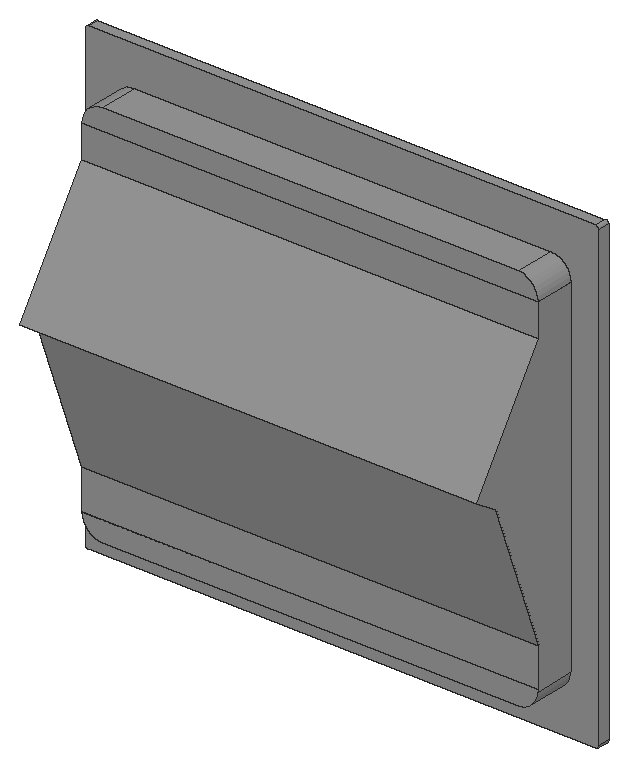
Revit family "L&L_LUCE&LIGHT_PASITO_1.1", category Lighting Fixtures, host Wall, Revit 2018 (continued)
Types (2, lengths in mm): name | built-in parameter 1150142 | Photometric Web File
    0 0.00 0.00 0.00 0.00 0.00 0.00 0.00 0.00 \r\n0.00 0.00 0.00 0.00 0.00 0.00 0.00 0.00 0.00 0.00 0.00 \r\n0.00 0.00 0.00 0.00 0.00 0.00 0.00 0.00 0.00 0.00 0.00 \r\n0.00 0.00 0.00 0.01 0.02 \r\n0.07 0.05 0.02 0.00 0.00 0.00 0.00 0.00 0.00 0.00 0.00 \r\n0.00 0.00 0.00 0.00 0.00 0.00 0.00 0.00 0.00 0.00 0.00 \r\n0.00 0.00 0.00 0.00 0.00 0.00 0.00 0.00 0.00 0.00 0.00 \r\n0.00 0.00 0.00 0.00 0.00 0.00 0.00 0.00 0.00 0.00 0.00 \r\n0.00 0.00 0.00 0.00 0.00 0.00 0.00 0.00 0.00 0.00 0.00 \r\n0.00 0.00 0.00 0.00 0.00 0.00 0.00 0.00 0.00 0.00 0.00 \r\n0.00 0.00 0.00 0.00 0.00 0.00 0.00 0.00 0.00 0.00 0.00 \r\n0.00 0.00 0.00 0.00 0.00 0.00 0.00 0.00 0.00 0.00 0.00 \r\n0.00 0.00 0.00 0.00 0.00 0.00 0.00 0.00 0.00 0.00 0.00 \r\n0.00 0.00 0.00 0.00 0.00 0.00 0.00 0.00 0.00 0.00 0.00 \r\n0.00 0.00 0.00 0.00 0.00 0.00 0.00 0.00 0.00 0.00 0.00 \r\n0.00 0.00 0.00 0.00 0.00 0.00 0.00 0.00 0.00 0.00 0.00 \r\n0.00 0.00 0.00 0.00 0.00 0.00 0.00 0.00 0.00 0.00 0.00 \r\n0.00 0.00 0.00 0.00 0.00 0.00 0.00 0.00 0.00 0.00 0.00 \r\n0.00 0.00 0.00 0.00 0.00 0.00 0.00 0.00 0.00 0.00 0.00 \r\n0.00 0.00 0.00 0.00 0.00 0.00 0.00 0.00 0.00 0.00 0.00 \r\n0.00 0.00 0.01 0.01 0.02 \r\n0.07 0.05 0.04 0.02 0.00 0.00 0.00 0.00 0.00 0.00 0.00 \r\n0.00 0.00 0.00 0.00 0.00 0.00 0.00 0.00 0.00 0.00 0.00 \r\n0.00 0.00 0.00 0.00 0.00 0.00 0.00 0.00 0.00 0.00 0.00 \r\n0.00 0.00 0.00 0.00 0.00 0.00 0.00 0.00 0.00 0.00 0.00 \r\n0.00 0.00 0.00 0.00 0.00 0.00 0.00 0.00 0.00 0.00 0.00 \r\n0.00 0.00 0.00 0.00 0.00 0.00 0.00 0.00 0.00 0.00 0.00 \r\n0.00 0.00 0.00 0.00 0.00 0.00 0.00 0.00 0.00 0.00 0.00 \r\n0.00 0.00 0.00 0.00 0.00 0.00 0.00 0.00 0.00 0.00 0.00 \r\n0.00 0.00 0.00 0.00 0.00 0.00 0.00 0.00 0.00 0.00 0.00 \r\n0.00 0.00 0.00 0.00 0.00 0.00 0.00 0.00 0.00 0.00 0.00 \r\n0.00 0.00 0.00 0.00 0.00 0.00 0.00 0.00 0.00 0.00 0.00 \r\n0.00 0.00 0.00 0.00 0.00 0.00 0.00 0.00 0.00 0.00 0.00 \r\n0.00 0.00 0.00 0.00 0.00 0.00 0.00 0.00 0.00 0.00 0.00 \r\n0.00 0.00 0.00 0.00 0.00 0.00 0.00 0.00 0.00 0.00 0.00 \r\n0.00 0.00 0.00 0.00 0.00 0.00 0.00 0.00 0.00 0.00 0.00 \r\n0.00 0.00 0.00 0.00 0.00 0.00 0.00 0.00 0.00 0.00 0.00 \r\n0.00 0.01 0.01 0.02 0.02 \r\n0.07 0.06 0.05 0.03 0.02 0.01 0.00 0.00 0.00 0.00 0.00 \r\n0.00 0.00 0.00 0.00 0.00 0.00 0.00 0.00 0.00 0.00 0.00 \r\n0.00 0.00 0.00 0.00 0.00 0.00 0.00 0.00 0.00 0.00 0.00 \r\n0.00 0.00 0.00 0.00 0.00 0.00 0.00 0.00 0.00 0.00 0.00 \r\n0.00 0.00 0.00 0.00 0.00 0.00 0.00 0.00 0.00 0.00 0.00 \r\n0.00 0.00 0.00 0.00 0.00 0.00 0.00 0.00 0.00 0.00 0.00 \r\n0.00 0.00 0.00 0.00 0.00 0.00 0.00 0.00 0.00 0.00 0.00 \r\n0.00 0.00 0.00 0.00 0.00 0.00 0.00 0.00 0.00 0.00 0.00 \r\n0.00 0.00 0.00 0.00 0.00 0.00 0.00 0.00 0.00 0.00 0.00 \r\n0.00 0.00 0.00 0.00 0.00 0.00 0.00 0.00 0.00 0.00 0.00 \r\n0.00 0.00 0.00 0.00 0.00 0.00 0.00 0.00 0.00 0.00 0.00 \r\n0.00 0.00 0.00 0.00 0.00 0.00 0.00 0.00 0.00 0.00 0.00 \r\n0.00 0.00 0.00 0.00 0.00 0.00 0.00 0.00 0.00 0.00 0.00 \r\n0.00 0.00 0.00 0.00 0.00 0.00 0.00 0.00 0.00 0.00 0.00 \r\n0.00 0.00 0.00 0.00 0.00 0.00 0.00 0.00 0.00 0.00 0.00 \r\n0.00 0.00 0.00 0.00 0.00 0.00 0.00 0.00 0.00 0.00 0.00 \r\n0.01 0.01 0.02 0.02 0.02 \r\n0.07 0.07 0.06 0.05 0.04 0.04 0.03 0.02 0.02 0.01 0.01 \r\n0.00 0.00 0.00 0.00 0.00 0.00 0.00 0.00 0.00 0.00 0.00 \r\n0.00 0.00 0.00 0.00 0.00 0.00 0.00 0.00 0.00 0.00 0.00 \r\n0.00 0.00 0.00 0.00 0.00 0.00 0.00 0.00 0.00 0.00 0.00 \r\n0.00 0.00 0.00 0.00 0.00 0.00 0.00 0.00 0.00 0.00 0.00 \r\n0.00 0.00 0.00 0.00 0.00 0.00 0.00 0.00 0.00 0.00 0.00 \r\n0.00 0.00 0.00 0.00 0.00 0.00 0.00 0.00 0.00 0.00 0.00 \r\n0.00 0.00 0.00 0.00 0.00 0.00 0.00 0.00 0.00 0.00 0.00 \r\n0.00 0.00 0.00 0.00 0.00 0.00 0.00 0.00 0.00 0.00 0.00 \r\n0.00 0.00 0.00 0.00 0.00 0.00 0.00 0.00 0.00 0.00 0.00 \r\n0.00 0.00 0.00 0.00 0.00 0.00 0.00 0.00 0.00 0.00 0.00 \r\n0.00 0.00 0.00 0.00 0.00 0.00 0.00 0.00 0.00 0.00 0.00 \r\n0.00 0.00 0.00 0.00 0.00 0.00 0.00 0.00 0.00 0.00 0.00 \r\n0.00 0.00 0.00 0.00 0.00 0.00 0.00 0.00 0.00 0.00 0.00 \r\n0.00 0.00 0.00 0.00 0.00 0.00 0.00 0.00 0.00 0.00 0.00 \r\n0.00 0.00 0.00 0.00 0.00 0.00 0.01 0.01 0.01 0.01 0.02 \r\n0.02 0.02 0.02 0.02 0.02 \r\n0.07 0.07 0.07 0.07 0.07 0.07 0.07 0.07 0.07 0.07 0.07 \r\n0.07 0.07 0.07 0.08 0.08 0.08 0.08 0.08 0.09 0.09 0.09 \r\n0.09 0.09 0.10 0.10 0.10 0.10 0.11 0.11 0.11 0.11 0.11 \r\n0.12 0.12 0.12 0.12 0.13 0.13 0.13 0.13 0.14 0.14 0.14 \r\n0.14 0.15 0.15 0.15 0.15 0.15 0.16 0.16 0.16 0.16 0.17 \r\n0.17 0.17 0.17 0.17 0.17 0.18 0.18 0.18 0.18 0.18 0.18 \r\n0.19 0.19 0.19 0.19 0.19 0.19 0.19 0.19 0.20 0.20 0.20 \r\n0.20 0.20 0.20 0.20 0.20 0.21 0.21 0.21 0.21 0.21 0.21 \r\n0.21 0.21 0.22 0.22 0.22 0.22 0.22 0.22 0.22 0.22 0.22 \r\n0.22 0.22 0.22 0.22 0.22 0.22 0.22 0.22 0.22 0.22 0.21 \r\n0.21 0.21 0.21 0.21 0.21 0.20 0.20 0.20 0.20 0.19 0.19 \r\n0.19 0.19 0.18 0.18 0.18 0.18 0.18 0.17 0.17 0.17 0.17 \r\n0.16 0.16 0.16 0.15 0.15 0.15 0.14 0.14 0.14 0.13 0.13 \r\n0.13 0.12 0.12 0.11 0.11 0.11 0.10 0.10 0.09 0.09 0.09 \r\n0.08 0.08 0.08 0.07 0.07 0.07 0.06 0.06 0.06 0.06 0.05 \r\n0.05 0.05 0.05 0.04 0.04 0.04 0.04 0.04 0.04 0.04 0.04 \r\n0.04 0.03 0.03 0.02 0.02 \r\n0.07 0.07 0.08 0.09 0.10 0.11 0.12 0.14 0.15 0.16 0.17 \r\n0.18 0.21 0.25 0.30 0.35 0.39 0.43 0.47 0.53 0.60 0.66 \r\n0.73 0.80 0.87 0.94 1.00 1.05 1.11 1.18 1.24 1.30 1.35 \r\n1.40 1.45 1.49 1.53 1.58 1.62 1.66 1.70 1.73 1.74 1.76 \r\n1.76 1.77 1.78 1.78 1.78 1.78 1.78 1.80 1.83 1.85 1.89 \r\n1.93 1.97 2.00 2.03 2.05 2.07 2.08 2.08 2.08 2.07 2.06 \r\n2.07 2.07 2.08 2.09 2.09 2.09 2.08 2.07 2.06 2.04 2.04 \r\n2.02 2.00 1.98 1.96 1.94 1.91 1.87 1.84 1.80 1.76 1.72 \r\n1.68 1.64 1.60 1.56 1.52 1.49 1.46 1.43 1.41 1.38 1.36 \r\n1.34 1.32 1.30 1.28 1.25 1.23 1.21 1.19 1.17 1.14 1.12 \r\n1.10 1.08 1.06 1.04 1.02 1.00 0.98 0.96 0.95 0.93 0.92 \r\n0.90 0.88 0.87 0.85 0.83 0.81 0.80 0.78 0.77 0.75 0.73 \r\n0.72 0.69 0.67 0.66 0.64 0.63 0.61 0.60 0.58 0.57 0.55 \r\n0.53 0.51 0.49 0.48 0.46 0.44 0.43 0.41 0.40 0.38 0.36 \r\n0.35 0.33 0.31 0.30 0.28 0.27 0.25 0.24 0.22 0.21 0.19 \r\n0.18 0.17 0.15 0.14 0.13 0.12 0.11 0.10 0.10 0.09 0.08 \r\n0.07 0.05 0.04 0.03 0.02 \r\n0.07 0.08 0.09 0.11 0.15 0.20 0.25 0.33 0.41 0.49 0.61 \r\n0.73 0.88 1.03 1.19 1.33 1.45 1.57 1.66 1.71 1.75 1.80 \r\n1.88 1.98 2.13 2.36 2.60 2.87 3.22 3.59 3.99 4.46 4.96 \r\n5.47 6.01 6.55 7.08 7.59 8.11 8.58 8.98 9.32 9.61 9.84 \r\n10.01 10.14 10.25 10.31 10.32 10.30 10.28 10.26 10.25 \r\n10.27 10.32 10.37 10.42 10.45 10.46 10.47 10.47 10.47 \r\n10.46 10.45 10.44 10.44 10.42 10.41 10.39 10.36 10.32 \r\n10.27 10.19 10.09 9.97 9.83 9.68 9.51 9.33 9.13 8.91 8.68 \r\n8.43 8.17 7.91 7.64 7.38 7.12 6.86 6.59 6.30 6.00 5.68 \r\n5.34 4.96 4.56 4.12 3.68 3.27 2.91 2.64 2.50 2.40 2.34 \r\n2.30 2.27 2.24 2.21 2.18 2.15 2.12 2.09 2.06 2.03 2.01 \r\n1.98 1.95 1.92 1.89 1.86 1.83 1.79 1.76 1.72 1.69 1.66 \r\n1.63 1.60 1.56 1.53 1.50 1.46 1.42 1.38 1.34 1.31 1.27 \r\n1.23 1.20 1.17 1.13 1.10 1.07 1.03 1.00 0.96 0.93 0.89 \r\n0.86 0.83 0.80 0.77 0.73 0.70 0.67 0.64 0.61 0.58 0.55 \r\n0.52 0.49 0.46 0.44 0.41 0.38 0.35 0.32 0.29 0.27 0.24 \r\n0.22 0.20 0.18 0.16 0.14 0.12 0.10 0.07 0.05 0.03 0.02 \r\n0.07 0.08 0.10 0.15 0.22 0.37 0.53 0.72 0.90 1.11 1.32 \r\n1.50 1.64 1.71 1.79 1.89 2.06 2.32 2.65 3.09 3.57 4.12 \r\n4.70 5.33 6.00 6.75 7.57 8.55 9.55 10.63 11.71 12.90 \r\n14.20 15.61 17.09 18.54 19.99 21.40 22.87 24.28 25.58 \r\n26.72 27.52 28.13 28.50 28.67 28.74 28.69 28.54 28.33 \r\n28.09 27.86 27.66 27.43 27.21 27.00 26.77 26.57 26.42 \r\n26.28 26.14 25.97 25.77 25.53 25.25 24.96 24.66 24.35 \r\n24.04 23.73 23.41 23.07 22.71 22.32 21.92 21.49 21.05 \r\n20.59 20.11 19.60 19.08 18.52 17.94 17.34 16.72 16.08 \r\n15.42 14.75 14.07 13.38 12.69 11.98 11.27 10.55 9.81 9.05 \r\n8.28 7.52 6.78 6.08 5.47 4.94 4.51 4.17 3.93 3.82 3.77 \r\n3.72 3.66 3.61 3.55 3.49 3.44 3.39 3.33 3.27 3.20 3.14 \r\n3.07 3.01 2.95 2.89 2.82 2.76 2.70 2.63 2.57 2.52 2.46 \r\n2.40 2.34 2.28 2.22 2.15 2.09 2.03 1.97 1.91 1.86 1.80 \r\n1.75 1.70 1.64 1.59 1.54 1.48 1.43 1.38 1.32 1.27 1.22 \r\n1.17 1.12 1.07 1.02 0.97 0.92 0.88 0.83 0.78 0.74 0.69 \r\n0.65 0.61 0.57 0.54 0.49 0.45 0.42 0.38 0.34 0.31 0.27 \r\n0.24 0.21 0.17 0.13 0.09 0.06 0.04 0.02 \r\n0.07 0.08 0.12 0.19 0.39 0.63 0.89 1.16 1.40 1.61 1.70 \r\n1.81 1.98 2.34 2.84 3.40 4.06 4.83 5.66 6.54 7.48 8.51 \r\n9.76 11.19 12.71 14.24 15.79 17.47 19.48 21.65 24.09 \r\n26.69 29.50 32.53 35.61 38.60 41.40 43.92 46.09 47.84 \r\n49.02 49.76 49.99 50.04 49.93 49.83 49.56 49.28 48.87 \r\n48.51 48.10 47.69 47.22 46.71 46.21 45.68 45.17 44.60 \r\n44.02 43.42 42.79 42.16 41.54 40.91 40.28 39.64 38.95 \r\n38.26 37.56 36.84 36.11 35.39 34.66 33.90 33.12 32.32 \r\n31.52 30.71 29.88 29.03 28.16 27.28 26.38 25.46 24.51 \r\n23.53 22.53 21.50 20.45 19.41 18.36 17.33 16.31 15.31 \r\n14.31 13.32 12.35 11.41 10.50 9.66 8.87 8.16 7.52 6.96 \r\n6.49 6.13 5.85 5.66 5.51 5.39 5.28 5.17 5.06 4.94 4.82 \r\n4.71 4.60 4.50 4.40 4.30 4.20 4.11 4.01 3.91 3.81 3.71 \r\n3.61 3.52 3.42 3.33 3.24 3.16 3.08 3.00 2.92 2.83 2.75 \r\n2.66 2.58 2.51 2.43 2.35 2.26 2.18 2.10 2.02 1.95 1.88 \r\n1.81 1.74 1.67 1.60 1.53 1.46 1.39 1.32 1.25 1.19 1.13 \r\n1.07 1.01 0.95 0.89 0.82 0.76 0.70 0.65 0.60 0.55 0.50 \r\n0.46 0.41 0.36 0.32 0.27 0.22 0.17 0.11 0.07 0.04 0.02 \r\n0.07 0.08 0.13 0.30 0.58 0.92 1.25 1.52 1.69 1.84 2.11 \r\n2.59 3.24 3.98 4.86 5.89 7.07 8.35 9.74 11.33 13.15 15.15 \r\n17.27 19.49 22.04 24.97 28.23 31.67 35.16 38.95 43.02 \r\n47.07 50.68 53.52 55.72 57.33 58.24 58.71 58.99 59.27 \r\n59.51 59.63 59.59 59.42 59.18 58.91 58.61 58.28 57.89 \r\n57.44 56.96 56.44 55.85 55.24 54.61 53.99 53.33 52.62 \r\n51.88 51.14 50.41 49.67 48.91 48.09 47.23 46.36 45.50 \r\n44.63 43.76 42.87 41.95 41.01 40.06 39.11 38.15 37.17 \r\n36.18 35.16 34.12 33.06 31.98 30.89 29.77 28.64 27.49 \r\n26.35 25.20 24.06 22.93 21.83 20.75 19.71 18.70 17.72 \r\n16.76 15.82 14.91 14.03 13.18 12.39 11.66 10.99 10.36 \r\n9.78 9.23 8.73 8.26 7.84 7.49 7.20 6.97 6.80 6.66 6.53 \r\n6.39 6.25 6.09 5.93 5.78 5.64 5.51 5.38 5.24 5.10 4.97 \r\n4.84 4.73 4.61 4.49 4.36 4.23 4.11 3.99 3.87 3.76 3.65 \r\n3.54 3.43 3.33 3.23 3.13 3.03 2.92 2.81 2.71 2.62 2.52 \r\n2.42 2.32 2.22 2.13 2.04 1.95 1.87 1.78 1.69 1.61 1.52 \r\n1.44 1.36 1.27 1.19 1.12 1.05 0.98 0.90 0.83 0.75 0.68 \r\n0.62 0.57 0.51 0.46 0.39 0.33 0.27 0.20 0.14 0.08 0.04 \r\n0.02 \r\n0.07 0.09 0.15 0.40 0.79 1.21 1.53 1.73 1.93 2.38 3.10 \r\n3.95 4.92 6.12 7.58 9.26 11.07 13.06 15.34 17.90 20.66 \r\n23.65 27.05 30.98 35.29 39.92 44.97 50.20 54.97 58.85 \r\n61.82 63.95 65.28 66.07 66.70 67.34 67.92 68.35 68.65 \r\n68.86 69.03 69.17 69.19 69.06 68.90 68.71 68.45 68.12 \r\n67.71 67.25 66.73 66.13 65.48 64.81 64.14 63.40 62.59 \r\n61.73 60.85 59.94 59.01 58.05 57.09 56.10 55.10 54.06 \r\n52.99 51.89 50.77 49.64 48.50 47.33 46.12 44.90 43.64 \r\n42.37 41.09 39.78 38.46 37.11 35.75 34.37 32.98 31.59 \r\n30.20 28.84 27.51 26.23 24.99 23.82 22.69 21.63 20.62 \r\n19.65 18.72 17.82 16.94 16.10 15.29 14.52 13.80 13.12 \r\n12.50 11.94 11.43 10.97 10.52 10.09 9.67 9.27 8.89 8.55 \r\n8.27 8.05 7.87 7.71 7.55 7.38 7.20 7.03 6.86 6.67 6.49 \r\n6.33 6.18 6.01 5.84 5.68 5.52 5.37 5.23 5.10 4.96 4.80 \r\n4.64 4.50 4.36 4.23 4.09 3.95 3.81 3.69 3.56 3.44 3.32 \r\n3.21 3.10 2.98 2.86 2.75 2.63 2.52 2.39 2.27 2.16 2.05 \r\n1.95 1.86 1.76 1.66 1.56 1.46 1.36 1.26 1.17 1.09 1.00 \r\n0.92 0.84 0.75 0.68 0.61 0.54 0.47 0.40 0.32 0.24 0.16 \r\n0.09 0.05 0.02 \r\n0.07 0.09 0.20 0.54 1.00 1.43 1.70 1.95 2.49 3.34 4.40 \r\n5.63 7.15 9.00 11.06 13.24 15.82 18.87 22.22 25.93 30.28 \r\n35.32 40.82 46.65 52.85 58.66 63.48 67.04 69.59 71.29 \r\n72.49 73.64 74.82 75.87 76.73 77.45 78.13 78.77 79.29 \r\n79.70 80.08 80.39 80.56 80.61 80.58 80.47 80.32 80.10 \r\n79.77 79.30 78.73 78.11 77.45 76.76 75.99 75.14 74.19 \r\n73.24 72.27 71.26 70.18 69.03 67.82 66.60 65.33 64.00 \r\n62.63 61.24 59.84 58.42 56.94 55.41 53.83 52.21 50.57 \r\n48.90 47.20 45.48 43.72 41.93 40.12 38.32 36.55 34.81 \r\n33.14 31.52 29.99 28.53 27.16 25.88 24.67 23.55 22.50 \r\n21.51 20.56 19.64 18.76 17.91 17.11 16.36 15.66 15.01 \r\n14.40 13.84 13.31 12.83 12.38 11.97 11.58 11.20 10.81 \r\n10.41 10.03 9.68 9.38 9.13 8.91 8.70 8.52 8.34 8.13 7.91 \r\n7.71 7.53 7.34 7.15 6.96 6.78 6.58 6.39 6.21 6.04 5.88 \r\n5.71 5.54 5.37 5.21 5.04 4.86 4.69 4.53 4.37 4.23 4.08 \r\n3.93 3.78 3.63 3.50 3.37 3.24 3.10 2.97 2.83 2.70 2.56 \r\n2.42 2.29 2.17 2.05 1.94 1.83 1.71 1.61 1.50 1.38 1.27 \r\n1.17 1.07 0.98 0.89 0.79 0.70 0.62 0.54 0.46 0.36 0.27 \r\n0.19 0.11 0.05 0.02 \r\n0.07 0.09 0.25 0.67 1.20 1.59 1.88 2.36 3.27 4.50 5.94 \r\n7.70 9.84 12.15 14.73 17.97 21.67 25.80 30.74 36.59 43.05 \r\n49.70 56.54 63.15 68.57 72.49 75.02 76.81 78.62 80.45 \r\n82.12 83.67 85.07 86.40 87.68 88.81 89.79 90.69 91.59 \r\n92.41 92.98 93.43 93.85 94.14 94.29 94.39 94.44 94.38 \r\n94.19 93.86 93.40 92.85 92.26 91.59 90.83 89.96 89.01 \r\n88.01 86.94 85.70 84.35 82.93 81.48 79.98 78.42 76.81 \r\n75.14 73.38 71.52 69.58 67.59 65.56 63.50 61.37 59.18 \r\n56.93 54.60 52.22 49.81 47.39 45.00 42.66 40.40 38.24 \r\n36.21 34.30 32.52 30.87 29.35 27.95 26.65 25.46 24.35 \r\n23.30 22.31 21.36 20.45 19.59 18.78 18.03 17.32 16.66 \r\n16.04 15.47 14.93 14.44 13.99 13.58 13.20 12.84 12.48 \r\n12.09 11.69 11.27 10.86 10.51 10.22 9.97 9.73 9.50 9.30 \r\n9.11 8.90 8.67 8.45 8.23 8.02 7.80 7.59 7.39 7.17 6.97 \r\n6.78 6.59 6.39 6.18 5.99 5.81 5.63 5.44 5.25 5.07 4.89 \r\n4.70 4.52 4.36 4.20 4.03 3.85 3.70 3.56 3.41 3.25 3.08 \r\n2.93 2.80 2.66 2.51 2.35 2.21 2.09 1.96 1.83 1.70 1.58 \r\n1.46 1.33 1.22 1.12 1.01 0.91 0.80 0.70 0.61 0.51 0.41 \r\n0.31 0.21 0.12 0.05 0.02 \r\n0.07 0.09 0.30 0.80 1.36 1.72 2.13 2.92 4.21 5.81 7.70 \r\n10.00 12.53 15.53 19.24 23.37 28.38 34.40 41.21 48.52 \r\n56.10 63.97 70.81 75.71 78.56 80.85 83.27 85.70 88.07 \r\n90.27 92.15 94.05 95.99 97.81 99.53 101.14 102.48 103.72 \r\n105.10 106.36 107.32 108.08 108.85 109.50 109.95 110.24 \r\n110.43 110.61 110.70 110.58 110.30 109.93 109.44 108.85 \r\n108.18 107.33 106.30 105.18 104.03 102.84 101.51 99.96 \r\n98.28 96.54 94.64 92.62 90.55 88.38 86.07 83.63 81.06 \r\n78.35 75.52 72.58 69.52 66.35 63.09 59.78 56.45 53.18 \r\n50.03 47.04 44.22 41.61 39.20 36.99 34.98 33.15 31.49 \r\n29.97 28.58 27.30 26.10 24.99 23.93 22.93 21.98 21.10 \r\n20.27 19.50 18.78 18.11 17.48 16.90 16.35 15.83 15.36 \r\n14.92 14.53 14.18 13.85 13.53 13.19 12.80 12.37 11.94 \r\n11.53 11.18 10.88 10.61 10.36 10.13 9.91 9.69 9.46 9.23 \r\n9.00 8.77 8.53 8.31 8.08 7.86 7.64 7.41 7.19 6.99 6.74 \r\n6.52 6.35 6.13 5.90 5.72 5.53 5.31 5.12 4.92 4.71 4.53 \r\n4.35 4.16 3.98 3.81 3.66 3.50 3.33 3.15 2.98 2.82 2.68 \r\n2.52 2.34 2.19 2.05 1.91 1.77 1.64 1.50 1.37 1.25 1.13 \r\n1.02 0.90 0.78 0.67 0.56 0.45 0.34 0.23 0.13 0.06 0.02 \r\n0.07 0.10 0.34 0.93 1.49 1.84 2.42 3.59 5.22 7.17 9.50 \r\n12.23 15.45 19.47 24.01 29.56 36.25 43.65 51.96 60.90 \r\n69.29 75.83 80.04 82.99 85.92 88.99 91.88 94.60 97.21 \r\n99.97 102.65 105.06 107.33 109.63 111.73 113.78 115.85 \r\n117.63 119.20 120.80 122.32 123.59 124.60 125.61 126.52 \r\n127.08 127.46 127.79 128.04 128.25 128.38 128.26 127.95 \r\n127.55 126.93 126.17 125.32 124.29 123.07 121.74 120.27 \r\n118.60 116.72 114.69 112.57 110.31 107.84 105.18 102.33 \r\n99.28 96.01 92.52 88.84 84.94 80.77 76.42 71.99 67.55 \r\n63.19 58.98 55.01 51.33 47.96 44.90 42.13 39.63 37.39 \r\n35.36 33.54 31.89 30.40 29.03 27.77 26.59 25.48 24.42 \r\n23.42 22.48 21.61 20.80 20.05 19.35 18.71 18.12 17.56 \r\n17.05 16.56 16.11 15.69 15.30 14.95 14.62 14.31 14.01 \r\n13.66 13.26 12.83 12.40 12.01 11.66 11.37 11.10 10.85 \r\n10.62 10.38 10.12 9.87 9.64 9.40 9.15 8.89 8.66 8.42 8.19 \r\n7.93 7.69 7.48 7.24 7.00 6.75 6.53 6.33 6.08 5.88 5.69 \r\n5.44 5.22 5.00 4.80 4.62 4.42 4.20 4.00 3.82 3.65 3.48 \r\n3.31 3.13 2.95 2.78 2.61 2.43 2.25 2.09 1.95 1.80 1.66 \r\n1.52 1.37 1.24 1.11 0.99 0.85 0.72 0.60 0.49 0.36 0.25 \r\n0.14 0.06 0.02 \r\n0.07 0.10 0.40 1.04 1.57 1.97 2.77 4.28 6.18 8.50 11.27 \r\n14.44 18.67 23.42 29.25 36.36 44.27 53.50 63.34 72.02 \r\n78.47 83.12 86.53 89.91 93.35 96.62 99.97 103.41 106.65 \r\n109.62 112.63 115.78 118.54 121.39 124.16 126.66 129.14 \r\n131.37 133.58 135.72 137.47 139.02 140.50 141.82 143.01 \r\n144.03 144.83 145.52 146.00 146.39 146.78 146.88 146.76 \r\n146.55 146.14 145.47 144.64 143.71 142.51 141.07 139.54 \r\n137.82 135.79 133.58 131.21 128.53 125.53 122.32 118.87 \r\n115.09 110.98 106.55 101.79 96.70 91.35 85.82 80.24 74.71 \r\n69.37 64.33 59.64 55.35 51.48 48.01 44.91 42.15 39.68 \r\n37.48 35.49 33.72 32.11 30.66 29.31 28.06 26.88 25.76 \r\n24.71 23.73 22.81 21.96 21.19 20.47 19.80 19.17 18.59 \r\n18.06 17.57 17.11 16.68 16.29 15.93 15.58 15.23 14.93 \r\n14.67 14.36 13.98 13.54 13.08 12.66 12.30 11.96 11.66 \r\n11.42 11.19 10.93 10.66 10.39 10.15 9.90 9.64 9.39 9.12 \r
